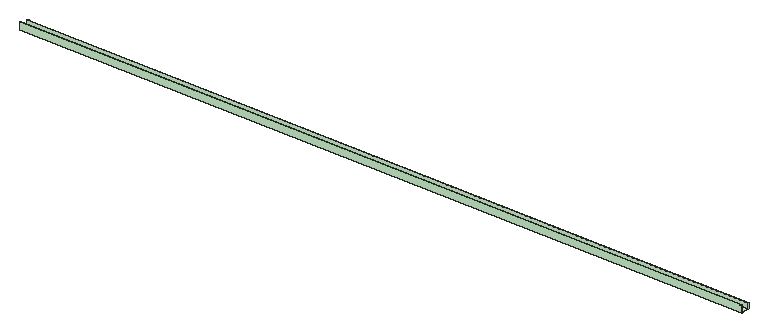
Revit family "SQ-ランナー45", category 機械設備, Revit 2020
Family settings
  丸型コネクタ寸法 = 直径を使用
  種別 = なし
  パーツ タイプ = 標準
  作業面ベース = いいえ
  常に垂直 = はい
  ロード時にボイドで切り取り = いいえ
  共有 = いいえ
  部屋計算ポイント = いいえ
Parameters
  製造元 = "株式会社桐井製作所"
  既定の高さ = 0 mm
  URL = "https://www.kirii.co.jp/"
  K_長さ(mm) [instance] = 4000 mm
  K_材質 = "SGCC　一般用"
  K_外形寸法(mm) = "47×40×30"
  K_品名 = "SQ-ランナー45"
  K_名称 = "角型スタッド用ランナー"
  K_バージョン情報 = "20210524"
  K_めっき付着量 = "Z08"
  K_JIS規格 = "JIS G 3302"
Reference planes
  plane 1 "中心(正面/背面)": y = 0
  plane 2: z = 0
  plane 3 "中心(左/右)": x = 0
  plane 4: x = 4000
  plane 5: y = 23.5
  plane 6: y = -23.5
Forms (mm)
  Extrusion 1, solid
    sketch origin (0, 0, 0) x (0, 1, 0) y (0, 0, 1)
      loop
        line (-23.5, 0) -> (23.5, 0) -> (23.5, 30) -> (22.7, 30) -> (22.7, 0.8) -> (-22.7, 0.8) -> (-22.7, 40) -> (-23.5, 40) -> (-23.5, 0)
    from 0 to 4000
Dimensions and locks
  "K_長さ(mm)": plane 3 "中心(左/右)" to plane 4
  aligned and locked: level to plane 2
  aligned and locked: plane 4 to Extrusion 1
  aligned and locked: Extrusion 1 to plane 4
Automatic sketch dimensions
  Extrusion 1 sketch curve to level = 0 mm
  Extrusion 1 sketch curve to plane 6 = 0 mm
  Extrusion 1 sketch curve to Extrusion 1 sketch curve = 0.8 mm  (x2)
  level to Extrusion 1 sketch curve = 0.8 mm
  Extrusion 1 sketch curve to Extrusion 1 sketch curve = 39.2 mm
  Extrusion 1 sketch curve to Extrusion 1 sketch curve = 29.2 mm
  Extrusion 1 sketch curve to plane 5 = 0 mm
